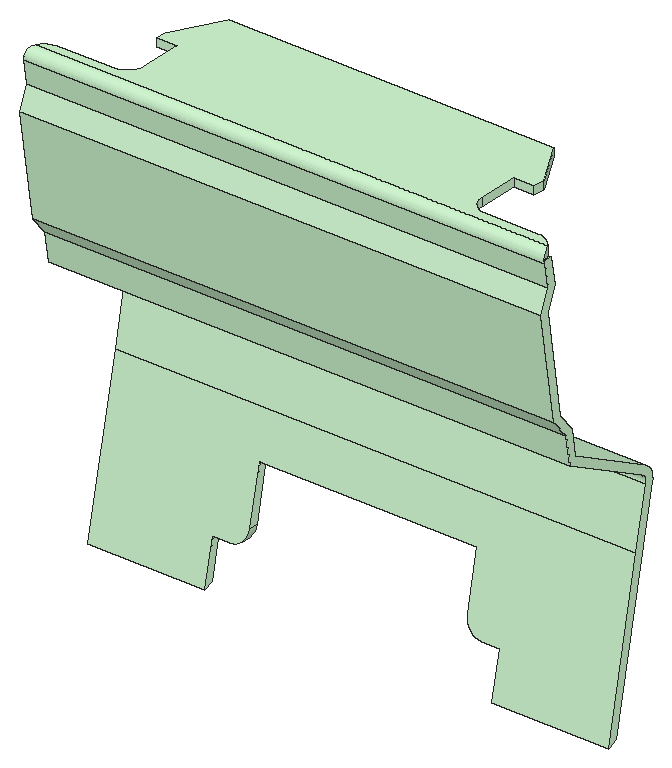
Revit family "WS-50スペーサー", category 機械設備, Revit 2020
Family settings
  丸型コネクタ寸法 = 直径を使用
  種別 = なし
  パーツ タイプ = 標準
  作業面ベース = いいえ
  常に垂直 = はい
  ロード時にボイドで切り取り = いいえ
  共有 = いいえ
  部屋計算ポイント = いいえ
Parameters
  製造元 = "株式会社桐井製作所"
  既定の高さ = 0 mm
  URL = "https://www.kirii.co.jp/"
  K_材質 = "SGCCまたはSGHC　一般用"
  K_品名 = "WS-50スペーサー"
  K_名称 = "スペーサー"
  K_単位質量(kg/個) = 0.018
  K_入数 = "1500"
  K_バージョン情報 = "20210524"
  K_めっき付着量 = "Z12"
  K_JIS規格 = "JIS G 3302"
  K_JIS外 = not(K_JIS)  # no
  K_JIS = yes
Reference planes
  plane 1 "中心(正面/背面)": y = 0
  plane 2: z = 0
  plane 3 "中心(左/右)": x = 0
Forms (mm)
  Extrusion 1, solid
    sketch origin (0, 0, 0) x (0, 0.987688, 0.156434) y (0, -0.156434, 0.987688)
      loop
        line (0, 0) -> (-10.631, 1.684)
        arc (-10.631, 1.684) -> (-11.276, 1.502) -> (-11.556, 0.894) r 0.8
        line (-11.556, 0.894) -> (-11.556, -1.17) -> (-12.556, -2.902) -> (-12.556, -11.902) -> (-11.556, -13.634) -> (-11.556, -16.134) -> (-4.458, -21.483)
        arc (-4.458, -21.483) -> (-4.17, -21.901) -> (-4.193, -22.408) r 0.8
        line (-4.193, -22.408) -> (-5.984, -27.075) -> (-11.046, -40.263) -> (-10.236, -40.105) -> (-3.539, -22.659)
        arc (-3.539, -22.659) -> (-3.498, -21.708) -> (-4.037, -20.923) r 1.5
        line (-4.037, -20.923) -> (-10.856, -15.785) -> (-10.856, -13.446) -> (-11.856, -11.714) -> (-11.856, -3.089) -> (-10.856, -1.357) -> (-10.856, 1.011) -> (0.274, -0.752) -> (0, 0)
    from -22.5 to 22.5
  Extrusion 2, void
    sketch origin (0, 0, 0) x (1, 0, 0) y (0, 1, 0)
      loop
        line (-24.527, 0.388) -> (-24.527, -11.947) -> (-22.5, -11.947)
        arc (-22.5, -11.947) -> (-21.914, -10.533) -> (-20.5, -9.947) r 2
        line (-20.5, -9.947) -> (-16.05, -9.947)
        arc (-16.05, -9.947) -> (-14.989, -9.508) -> (-14.55, -8.447) r 1.5
        line (-14.55, -8.447) -> (-14.55, -4.947) -> (-16.3, -4.947) -> (-16.3, -3.947) -> (-14.03, 0) -> (14.03, 0) -> (16.3, -3.947) -> (16.3, -4.947) -> (14.55, -4.947) -> (14.55, -8.447)
        arc (14.55, -8.447) -> (14.989, -9.508) -> (16.05, -9.947) r 1.5
        line (16.05, -9.947) -> (20.5, -9.947)
        arc (20.5, -9.947) -> (21.914, -10.533) -> (22.5, -11.947) r 2
        line (22.5, -11.947) -> (24.5, -11.947) -> (24.5, 0.388) -> (-24.527, 0.388)
    from -0.7 to 0
  Extrusion 3, void
    sketch origin (0, 0, 0) x (1, 0, 0) y (0, 0, 1)
      loop
        line (-12.4, -42.399) -> (12.4, -42.399) -> (12.4, -37.685) -> (10.9, -37.685)
        arc (10.9, -37.685) -> (9.839, -37.246) -> (9.4, -36.185) r 1.5
        line (9.4, -36.185) -> (9.4, -31.45) -> (-9.4, -31.45) -> (-9.4, -36.185)
        arc (-9.4, -36.185) -> (-9.839, -37.246) -> (-10.9, -37.685) r 1.5
        line (-10.9, -37.685) -> (-12.4, -37.685) -> (-12.4, -42.399)
    from -2.451 to 7.841
Cuts and joins
  Extrusion 2, Extrusion 3 cuts Extrusion 1
Dimensions and locks
  aligned and locked: level to plane 2
